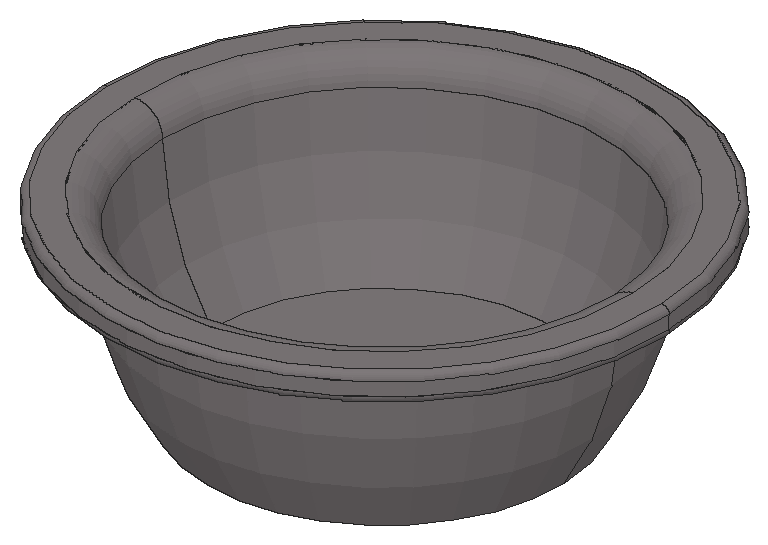
Revit family "Bacile", category Generic Models, Revit 2012
Parameters
  Ceradur Finish [instance] = Ceradur finish-M02 Bruno Matte
Reference planes (cm)
  plane 1 "Center (Front/Back)": y = 0
  plane 2: z = 90
  plane 3 "Center (Left/Right)": x = 0
Forms (cm)
  Sweep 1, solid, material "Ceradur finish-M02 Bruno Matte" <- "Ceradur Finish"
    path origin (0, 0, 90) x (1, 0, 0) y (0, 1, 0)
      loop
        circle (0, 0) r 20.5
    profile origin (0, 20.5, 90) x (0, -1, 0) y (0, 0, 1)
      loop
        line (8.0231, 0) -> (8.0231, 1)
        arc (8.0231, 1) -> (5.4745, 6.2479) -> (4.5003, 12) r 20.5887
        arc (4.5003, 12) -> (3.9145, 13.4142) -> (2.5003, 14) r 2
        line (2.5003, 14) -> (0.5, 14)
        arc (0.5, 14) -> (0.1464, 13.8536) -> (0, 13.5) r 0.5
        line (0, 13.5) -> (0, 12.5)
        arc (0, 12.5) -> (0.1464, 12.1464) -> (0.5, 12) r 0.5
        line (0.5, 12) -> (3.0175, 12)
        arc (3.0175, 12) -> (3.3627, 11.8617) -> (3.5169, 11.5233) r 0.5
        arc (3.5169, 11.5233) -> (4.6781, 5.4746) -> (7.5, 0) r 21.5887
        line (7.5, 0) -> (8.0231, 0)
  Extrusion 2, solid, material "Ceradur finish-M02 Bruno Matte" <- "Ceradur Finish"
    sketch origin (0, 0, 90) x (1, 0, 0) y (0, 1, 0)
      loop
        circle (0, 0) r 12.4769
      loop
        circle (0, 0) r 2.25
    from 0 to 1
Cuts and joins
  joined: Sweep 1, Extrusion 2
Dimensions and locks (cm)
  aligned and locked: level to plane 2
